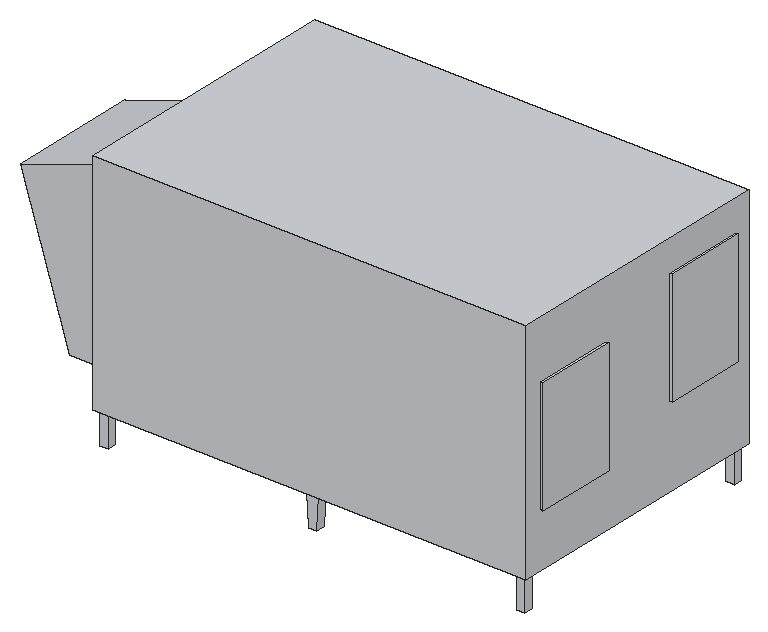
Revit family "DV 8000", category Mechanical Equipment, Revit 2013
Parameters
  Width mm = 2650 mm
  Warranty = "1 Year"
  Voltage Supply      Single Phase = "400v ac"
  Versatile positioning ,floor and ceiling susupended options = "Yes"
  Summer/Winter by-pass = "Yes"
  Summer By-pass = "Automatic 100%"
  Safety cut off switch Pressure sensors for filter monitoring = "Yes"
  Roof Top model = "Yes"
  Pre Heater = "option"
  Part number = "9041532"
  Model = "MULTI DV8000"
  Meets Building regulations Pat L2A and L2B = "Yes"
  Max Air Volume  m3/hr = "8800"
  Lockable doors = "Yes"
  Interchangeable spigot connections = "Yes"
  Insulated Base Frame = "Yes"
  Humidity control (optional) = "Yes"
  Height mm = 1390 mm
  Heat Recovery = "<95%"
  Heat Exchanger = "Cross Counterflow"
  Frequency = "50Hz"
  Filter maintenance reminder = "Yes"
  Electronic control panel with LCD display = "Yes"
  EC motor for fine speed control and low SFP = "Yes"
  Double skinned insulated casing avoids thermal bridging = "Yes"
  Depth mm = 2590 mm
  Control Standard = "BMS/Internet"
  Control Optional .. = "Temperature"
  Control Optional . = "Co2"
  Control Optional = "Humidity"
  Carbon dioxide control (optional) = "Yes"
  Balanced supply and extract air ventilation with heat recovery = "Yes"
  BREEAM applicable = "Yes"
  Anti frost protection = "option"
  Air Filters = "M5 and F21"
  After Heater = "option"
  10 speed digital control and BMS and Internet control = "Yes"
Reference planes
  plane 1 "Center (Front/Back)": y = 0
  plane 2: z = 0
  plane 3 "Center (Left/Right)": x = 0
  plane 4: y = 850
  plane 5: y = -850
  plane 6: z = 1390
  plane 7: x = -1325
  plane 8: x = 1325
  plane 9: z = 340
  plane 10: y = 745
  plane 11: y = -745
  plane 12: y = -245
  plane 13: y = 245
  plane 14: z = 1040
  plane 15: z = 500
  plane 16: z = 1200
  plane 17: z = 1310
  plane 18: z = 200
  plane 19: y = -780
  plane 20: y = 20
  plane 21: z = 1144
  plane 22: z = 1144
  plane 23: through (-1325, -1524, 1310) normal (0.3151, 0, -0.9491)
  plane 24: x = -1525
  plane 25: through (-1825, -1524, 1144) normal (0.953, 0, 0.3029)
  plane 26: x = -1256
  plane 27: x = -471
  plane 28: z = 200
  plane 29: z = 1070
  plane 30: z = 890
  plane 31: y = 1030
  plane 32: through (0, 1210, 890) normal (0, 0.7071, 0.7071)
  plane 33: z = -200
  plane 34: y = -825
  plane 35: y = -775
  plane 36: x = 1300
  plane 37: x = -1300
  plane 38: x = -1250
  plane 39: through (-39.715, -1524, 35.441) normal (0.9981, 0, 0.0624)
  plane 40: through (39.715, -1524, 35.441) normal (0.9981, 0, -0.0624)
Forms (mm)
  Extrusion 1, solid
    sketch origin (0, 0, 0) x (1, 0, 0) y (0, 1, 0)
      loop
        line (-1325, 850) -> (-1325, -850) -> (1325, -850) -> (1325, 850) -> (-1325, 850)
    from 1390 to 0
  Extrusion 2, solid
    sketch origin (1325, 1696.758, 1200) x (0, 1, 0) y (0, 0, 1)
      loop
        line (-951.758, 0) -> (-1451.758, 0) -> (-1451.758, -700) -> (-951.758, -700) -> (-951.758, 0)
    from 0 to 20
  Extrusion 3, solid
    sketch origin (1325, 1696.758, 1200) x (0, 1, 0) y (0, 0, 1)
      loop
        line (-1941.758, -160) -> (-2441.758, -160) -> (-2441.758, -860) -> (-1941.758, -860) -> (-1941.758, -160)
    from 0 to 20
  Extrusion 4, solid
    sketch origin (-1325, 1696.758, 1200) x (0, 1, 0) y (0, 0, 1)
      loop
        line (-1676.758, 110) -> (-2476.758, 110) -> (-2476.758, -1000) -> (-1676.758, -1000) -> (-1676.758, 110)
    from 0 to -500
  Extrusion 5, void
    sketch origin (0, -780, 1228.493) x (0, 0, -1) y (-1, 0, 0)
      loop
        line (-81.507, 1325) -> (84.493, 1825) -> (-81.507, 1825) -> (-81.507, 1325)
    from 0 to 800
  Extrusion 6, void
    sketch origin (0, -780, 1228.493) x (0, 0, -1) y (-1, 0, 0)
      loop
        line (1028.493, 1525) -> (1028.493, 1825) -> (84.493, 1825) -> (1028.493, 1525)
    from 0 to 800
  Extrusion 7, solid
    sketch origin (-2169.117, 850, 1200) x (-1, 0, 0) y (0, 0, 1)
      loop
        line (-1698.117, -1000) -> (-913.117, -1000) -> (-913.117, -130) -> (-1698.117, -130) -> (-1698.117, -1000)
    from 0 to 360
  Extrusion 8, void
    sketch origin (-1256, 0, 217.589) x (0, 0, 1) y (0, 1, 0)
      loop
        line (852.411, 1210) -> (672.411, 1210) -> (852.411, 1030) -> (852.411, 1210)
    from 0 to -800
  Extrusion 9, solid
    sketch origin (1325, 1696.758, 1200) x (0, 1, 0) y (0, 0, 1)
      loop
        line (-2471.758, -1200) -> (-2521.758, -1200) -> (-2521.758, -1400) -> (-2471.758, -1400) -> (-2471.758, -1200)
    from -2625 to -2575
  Extrusion 10, solid
    sketch origin (1325, -1696.758, 1200) x (0, -1, 0) y (0, 0, -1)
      loop
        line (-2471.758, 1200) -> (-2471.758, 1400) -> (-2521.758, 1400) -> (-2521.758, 1200) -> (-2471.758, 1200)
    from -2625 to -2575
  Extrusion 11, solid
    sketch origin (-1325, 1696.758, 1200) x (0, 1, 0) y (0, 0, -1)
      loop
        line (-2471.758, 1200) -> (-2471.758, 1400) -> (-2521.758, 1400) -> (-2521.758, 1200) -> (-2471.758, 1200)
    from -2625 to -2575
  Extrusion 12, solid
    sketch origin (-1325, -1696.758, 1200) x (0, -1, 0) y (0, 0, 1)
      loop
        line (-2471.758, -1200) -> (-2521.758, -1200) -> (-2521.758, -1400) -> (-2471.758, -1400) -> (-2471.758, -1200)
    from -2625 to -2575
  Extrusion 13, solid
    sketch origin (0, 0, 0) x (1, 0, 0) y (0, 0, 1)
      loop
        line (-25, -200) -> (25, -200) -> (37.5, 0) -> (-37.5, 0) -> (-25, -200)
    from -825 to -775
  Extrusion 14, solid
    sketch origin (0, 0, 0) x (1, 0, 0) y (0, 0, -1)
      loop
        line (-25, 200) -> (-37.5, 0) -> (37.5, 0) -> (25, 200) -> (-25, 200)
    from -825 to -775
Cuts and joins
  Extrusion 5, Extrusion 6 cuts Extrusion 4
  Extrusion 8 cuts Extrusion 7
Dimensions and locks
  equal spacing: plane 4, plane 1 "Center (Front/Back)", plane 5
  plane 4 to plane 5 = 1700 mm  (x2)
  Extrusion 1 to Extrusion 1 = 1390 mm
  plane 6 to plane 2 = 1390 mm
  equal spacing: plane 7, plane 3 "Center (Left/Right)", plane 8
  plane 7 to plane 8 = 2650 mm
Automatic sketch dimensions
  Extrusion 1 sketch curve to plane 5 = 0 mm
  Extrusion 1 sketch curve to plane 7 = 0 mm
  Extrusion 1 sketch curve to plane 8 = 0 mm
  Extrusion 1 sketch curve to plane 4 = 0 mm
  Extrusion 2 sketch curve to plane 13 = 0 mm
  Extrusion 2 sketch curve to plane 10 = 0 mm
  Extrusion 2 sketch curve to plane 15 = 0 mm
  Extrusion 2 sketch curve to plane 16 = 0 mm
  Extrusion 3 sketch curve to plane 11 = 0 mm
  Extrusion 3 sketch curve to plane 9 = 0 mm
  Extrusion 3 sketch curve to plane 12 = 0 mm
  Extrusion 3 sketch curve to plane 14 = 0 mm
  Extrusion 4 sketch curve to plane 17 = 0 mm
  Extrusion 4 sketch curve to plane 19 = 0 mm
  Extrusion 4 sketch curve to plane 18 = 0 mm
  Extrusion 4 sketch curve to plane 20 = 0 mm
  Extrusion 5 sketch curve to plane 17 = 0 mm
  Extrusion 5 sketch curve to plane 21 = 0 mm
  Extrusion 5 sketch curve to plane 7 = 0 mm
  Extrusion 5 sketch curve to plane 23 = 0 mm
  Extrusion 6 sketch curve to plane 21 = 0 mm
  Extrusion 6 sketch curve to plane 18 = 0 mm
  Extrusion 6 sketch curve to plane 24 = 0 mm
  Extrusion 6 sketch curve to plane 23 = 0 mm
  Extrusion 7 sketch curve to plane 27 = 0 mm
  Extrusion 7 sketch curve to plane 26 = 0 mm
  Extrusion 7 sketch curve to plane 18 = 0 mm
  Extrusion 7 sketch curve to plane 29 = 0 mm
  Extrusion 8 sketch curve to plane 30 = 0 mm
  Extrusion 8 sketch curve to plane 29 = 0 mm
  Extrusion 8 sketch curve to plane 31 = 0 mm
  Extrusion 8 sketch curve to plane 32 = 0 mm
  Extrusion 9 sketch curve to level = 0 mm
  Extrusion 9 sketch curve to plane 34 = 0 mm
  Extrusion 9 sketch curve to plane 33 = 0 mm
  Extrusion 9 sketch curve to plane 35 = 0 mm
  Extrusion 10 sketch curve to level = 0 mm
  Extrusion 10 sketch curve to plane 33 = 0 mm
  Extrusion 10 sketch curve to plane 4 = 25 mm
  plane 10 to Extrusion 10 sketch curve = 30 mm
  Extrusion 11 sketch curve to level = 0 mm
  Extrusion 11 sketch curve to plane 34 = 0 mm
  Extrusion 11 sketch curve to plane 33 = 0 mm
  Extrusion 11 sketch curve to plane 35 = 0 mm
  Extrusion 12 sketch curve to level = 0 mm
  Extrusion 12 sketch curve to plane 33 = 0 mm
  Extrusion 12 sketch curve to plane 4 = 25 mm
  plane 10 to Extrusion 12 sketch curve = 30 mm
  Extrusion 13 sketch curve to level = 0 mm
  Extrusion 13 sketch curve to plane 39 = 0 mm  (x2)
  Extrusion 13 sketch curve to plane 33 = 0 mm
  plane 40 to Extrusion 13 sketch curve = 0 mm  (x2)
  Extrusion 14 sketch curve to level = 0 mm
  Extrusion 14 sketch curve to plane 39 = 0 mm  (x2)
  Extrusion 14 sketch curve to plane 33 = 0 mm
  plane 40 to Extrusion 14 sketch curve = 0 mm  (x2)
Connectors
  hvac at (-1675, -380, 672)
    settings: on cut or joined group of Extrusion 4, Extrusion 5, Extrusion 6, index 1, duct flow 0.0 L/s, flow factor 0, pres drop 0.0 Pa, loss coef 0, conn angle 0.00°, conn width 800 mm, conn height 990 mm, conn radius 304.8 mm, duct sys type 1, conn prof type 1, flow config 0, flow direction 1, loss method 0, conn ref index -1, conn util no, is conn primary yes, conn desc ""
  hvac at (-863.5, 1210, 545)
    settings: on cut or joined group of Extrusion 7, Extrusion 8, index 2, duct flow 0.0 L/s, flow factor 0, pres drop 0.0 Pa, loss coef 0, conn angle 0.00°, conn width 785 mm, conn height 690 mm, conn radius 304.8 mm, duct sys type 3, conn prof type 1, flow config 0, flow direction 2, loss method 0, conn ref index -1, conn util no, is conn primary no, conn desc ""
  hvac at (1345, 495, 850)
    settings: on Extrusion 2, index 3, duct flow 0.0 L/s, flow factor 0, pres drop 0.0 Pa, loss coef 0, conn angle 0.00°, conn width 500 mm, conn height 700 mm, conn radius 304.8 mm, duct sys type 1, conn prof type 1, flow config 0, flow direction 2, loss method 0, conn ref index -1, conn util no, is conn primary no, conn desc ""
  hvac at (1345, -495, 690)
    settings: on Extrusion 3, index 4, duct flow 0.0 L/s, flow factor 0, pres drop 0.0 Pa, loss coef 0, conn angle 0.00°, conn width 500 mm, conn height 700 mm, conn radius 304.8 mm, duct sys type 2, conn prof type 1, flow config 0, flow direction 1, loss method 0, conn ref index -1, conn util no, is conn primary no, conn desc ""
